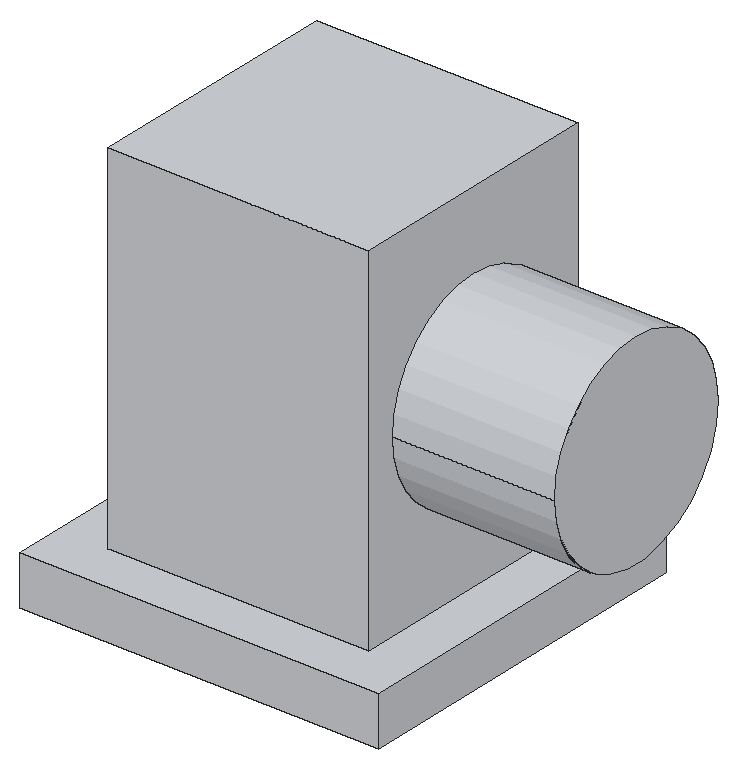
Revit family "TD_Bouche extraction D125", category Bouche d'aération, Revit 2026
Family settings
  Cote de connecteur circulaire = Utiliser le diamètre
  Type d'élément = Normal
  Basée sur le plan de construction = Non
  Toujours verticalement = Oui
  Couper avec des vides une fois chargée = Non
  Conserver l'orientation des annotations = Non
  Partagée = Non
  Repère de localisation dans la pièce = Non
Parameters (values of type "TD_Bouche extraction D125")
  Elévation par défaut = 0 mm
  Débit [instance] = 0.0 L/s
Reference planes
  plane 1 "Centre (avant/arrière)": y = 0
  plane 2: z = 0
  plane 3 "Centre (gauche/droite)": x = 0
Forms (mm)
  Extrusion 1, solid
    sketch origin (0, 0, 0) x (1, 0, 0) y (0, 1, 0)
      loop
        line (-110, -110) -> (110, -110) -> (110, 110) -> (-110, 110) -> (-110, -110)
    from 0 to 30
  Extrusion 2, solid
    sketch origin (0, 0, 0) x (1, 0, 0) y (0, 1, 0)
      loop
        line (-80, -80) -> (80, -80) -> (80, 80) -> (-80, 80) -> (-80, -80)
    from 30 to 250
  Extrusion 3, solid
    sketch origin (80, 0, 140) x (0, 1, 0) y (0, 0, 1)
      loop
        circle (0, 0) r 62.5
    from 0 to 100
Dimensions and locks
  aligned and locked: level to plane 2
Connectors
  hvac at (180, 0, 140), driven by "Débit"
    settings: on Extrusion 3, index 1, duct flow 0.0 L/s, flow factor 0, pres drop 0.0 Pa, loss coef 0, conn angle 0.00°, conn width 304.8 mm, conn height 304.8 mm, conn diameter 125 mm, duct sys type 2, conn prof type 0, flow config 1, flow direction 2, loss method 0, conn ref index -1, conn util no, is conn primary yes, conn desc ""
